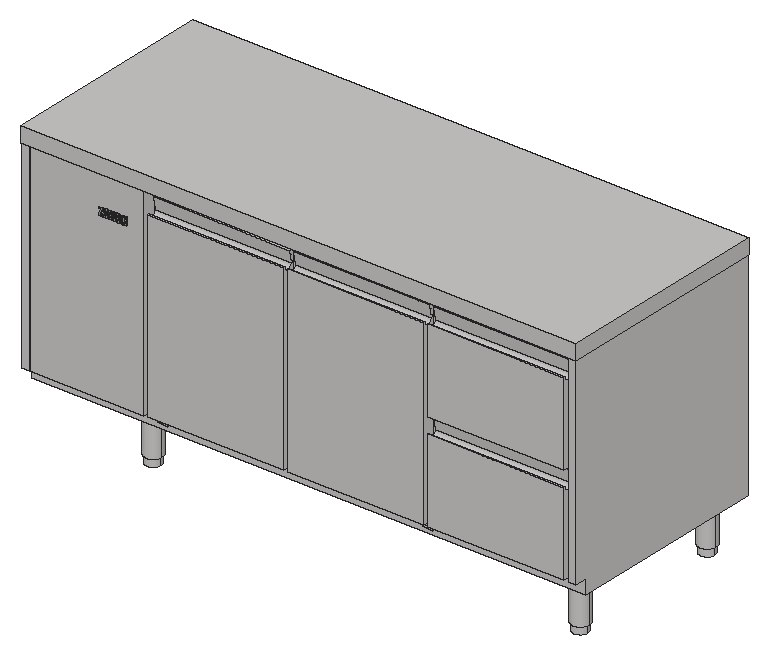
Revit family "QF_ZANUSSI_111041_ZH3HBAAB", category Specialty Equipment, Revit 2018
Family settings
  Round Connector Dimension = Use Diameter
  Part Type = Normal
  Work Plane-Based = No
  Always vertical = Yes
  Cut with Voids When Loaded = No
  Shared = No
  Room Calculation Point = No
Parameters
  Weight = 0.00 kg
  Watts = 0.0232258 W
  Volts = 220 V
  URL Manufacturer = "http://www.zanussiprofessional.com/"
  URL = "http://www.zanussiprofessional.com/"
  Steam Supply Size = 0 mm
  Steam Supply Minimum Pressure = 0.0 Pa
  Steam Supply Maximum Pressure = 0.0 Pa
  Steam Pounds per Hour = 0
  Show Logo [instance] = yes
  Show Clearance [instance] = yes
  Refrigeration Suction Line Size = 0 mm
  Refrigeration Liquid Line Size = 0 mm
  Refrigerant Compressor Remote = yes
  Manufacturer = "Zanussi"
  Phase = 1
  Model = "ZH3HBAAB"
  Length Actual = 1799 mm  # constant formula
  Item Number = "111041"
  Hot Water Size = 0 mm
  Height Actual = 900 mm  # constant formula
  HP = "0.3 HP"
  Gas Size = 0 mm
  Gas KW = 0
  Gas Input Pressure = 0 W
  Description = "2DOORS+2 DRAWERS REFRIGER.TABLE 440L"
  Depth Actual = 700 mm  # constant formula
  Cycle = 50 Hz
  Condensate Return Size = 0 mm
  Compressed Air Volume = 0.0 L/s
  Compressed Air Size = 0 mm
  Compressed Air Pressure = 0.0 Pa
  Cold Water Size = 0 mm
  Accessory = yes
Reference planes
  plane 1 "Center X": y = 182.5
  plane 2: z = 0
  plane 3 "Center Y": x = -353.5
  plane 4: y = -62.5
  plane 5: y = 451.5
  plane 6 "BACK": y = 532.5
  plane 7 "FRONT": y = -167.5
  plane 8: x = -906
  plane 9: x = 478
  plane 10: z = 150
  plane 11 "TOP": z = 900
  plane 12: z = 850
  plane 13 "LEFT": x = -1251
  plane 14 "RIGHT": x = 544
  plane 15: x = -1253
  plane 16: x = 546
Forms (mm)
  Extrusion 1, solid, material "QF_Finishes_Stainless Steel"
    sketch origin (-353.5, 2, 0) x (0, 1, 0) y (0, 0, 1)
      loop
        line (530.5, 150) -> (530.5, 850) -> (-124.5, 850) -> (-124.5, 150) -> (530.5, 150)
    from -897.5 to 897.5
  Extrusion 2, solid, material "QF_Finishes_Stainless Steel"
    sketch origin (-1022.223, -1524, 150) x (-1, 0, 0) y (0, -1, 0)
      loop
        line (228.777, -1361.5) -> (203.777, -1361.5) -> (203.777, -1401.5) -> (228.777, -1401.5) -> (228.777, -1361.5)
      loop
        line (-1566.223, -1401.5) -> (-1541.223, -1401.5) -> (-1541.223, -1361.5) -> (-1566.223, -1361.5) -> (-1566.223, -1401.5)
    from 47 to 700
  Extrusion 3, solid, material "QF_Finishes_Stainless Steel"
    sketch origin (0, 0, 900) x (-1, 0, 0) y (0, -1, 0)
      loop
        circle (170, -94.5) r 8.45
    from -790.577 to -750
  Extrusion 4, solid, material "QF_Finishes_Stainless Steel"
    sketch origin (0, 0, 0) x (1, 0, 0) y (0, 1, 0)
      loop
        circle (-1167, 451.5) r 4
    from 109.423 to 150
  Extrusion 5, solid, material "QF_Finishes_Stainless Steel"
    sketch origin (-126.5, 0, 0) x (0, 1, 0) y (0, 0, 1)
      loop
        line (-167.5, 900) -> (-167.5, 850) -> (532.5, 850) -> (532.5, 900) -> (-167.5, 900)
    from 672.5 to -1126.5
Cuts and joins
  joined: Extrusion 1, Extrusion 2
Lines and regions (mm)
  symbolic lines, style "SpecialityEquipmentHiddenLines"
    curve 1: line (-1253, -122.5, 900) -> (546, -122.5, 900)
    curve 2: line (-850, -167.5, 900) -> (-850, -122.5, 900)
  symbolic lines, style "SpecialityEquipment"
    curve 3: line (-1253, 532.5, 900) -> (546, 532.5, 900)
    curve 4: line (-1253, 532.5, 900) -> (-1253, -167.5, 900)
    curve 5: line (-1253, -167.5, 900) -> (546, -167.5, 900)
    curve 6: line (546, -167.5, 900) -> (546, 532.5, 900)
Dimensions and locks
  locked: plane 6 "BACK" to plane 7 "FRONT" at 700
  equal spacing: plane 6 "BACK", plane 1 "Center X", plane 7 "FRONT"
  locked: plane 6 "BACK" to plane 5 at 81
  plane 10 to level = 150 mm
  plane 11 "TOP" to plane 12 to plane 10 = 50 mm locked, 700 mm locked
  locked: Extrusion 2 sketch curve to Extrusion 2 sketch curve at 25  (x2)
  locked: plane 4 to plane 7 "FRONT" at 105
  locked: plane 6 "BACK" to Extrusion 3 sketch curve at 438
  equal spacing: plane 13 "LEFT", plane 3 "Center Y", plane 14 "RIGHT"
  plane 15 to plane 16 = 1799 mm
  locked: plane 13 "LEFT" to plane 8 at 345
  locked: plane 9 to plane 14 "RIGHT" at 66
  Extrusion 3 sketch curve to plane 14 "RIGHT" = 714 mm
  plane 13 "LEFT" to Extrusion 4 sketch curve = 84 mm
  locked: plane 6 "BACK" to Extrusion 4 sketch curve at 81
  locked: plane 10 to Extrusion 4 at 40.577
  aligned and locked: level to plane 2
  aligned and locked: plane 10 to Extrusion 3
  aligned and locked: nested 4 to plane 4
  aligned and locked: nested 1 to plane 4
  aligned and locked: nested 3 to plane 5
  aligned and locked: nested 2 to plane 5
  aligned and locked: plane 8 to nested 1
  aligned and locked: plane 8 to nested 2
  aligned and locked: plane 9 to nested 4
  aligned and locked: plane 9 to nested 3
  aligned and locked: Extrusion 1 to Extrusion 2
  aligned and locked: Extrusion 2 to Extrusion 1
  aligned and locked: Extrusion 2 sketch curve to plane 14 "RIGHT"
  aligned and locked: plane 13 "LEFT" to Extrusion 2 sketch curve
  aligned and locked: cut or joined group of Extrusion 1, Extrusion 2 to plane 10
  aligned and locked: plane 12 to cut or joined group of Extrusion 1, Extrusion 2
  aligned and locked: plane 10 to Extrusion 4
Automatic sketch dimensions
  plane 7 "FRONT" to Extrusion 2 sketch curve = 45 mm  (x2)
  plane 7 "FRONT" to Extrusion 2 sketch curve = 5 mm  (x2)
  Extrusion 1 sketch curve to plane 10 = 0 mm
  Extrusion 1 sketch curve to plane 12 = 0 mm
  Extrusion 1 sketch curve to plane 6 "BACK" = 0 mm
  plane 7 "FRONT" to Extrusion 1 sketch curve = 45 mm
  Extrusion 5 sketch curve to plane 7 "FRONT" = 0 mm
  Extrusion 5 sketch curve to plane 6 "BACK" = 0 mm
  Extrusion 5 sketch curve to plane 12 = 0 mm
  Extrusion 5 sketch curve to plane 11 "TOP" = 0 mm
  curve 6 to plane 6 "BACK" = 0 mm
  curve 6 to plane 16 = 0 mm
  curve 2 to plane 7 "FRONT" = 0 mm
  curve 5 to plane 15 = 0 mm
  plane 8 to curve 2 = 56 mm
  curve 1 to curve 4 = 45 mm
  radius of Extrusion 3 sketch curve = 8.45 mm
  radius of Extrusion 4 sketch curve = 4 mm
Nested families
  nested 1: "Foot_Ø50_H150" at (-906, -62.5, 0), type "Foot_Ø50_H150"
  nested 2: "Foot_Ø50_H150" at (-906, 451.5, 0), type "Foot_Ø50_H150"
  nested 3: "Foot_Ø50_H150" at (478, 451.5, 0), type "Foot_Ø50_H150"
  nested 4: "Foot_Ø50_H150" at (478, -62.5, 0), type "Foot_Ø50_H150"
  nested 5: "2 Drawers" at (285, -164.5, 0), Show Clearance <- "Show Clearance", type "2 Drawers"
  nested 6: "Door" at (-169, -164.5, 0), Show Clearance <- "Show Clearance", type "Door"
  nested 7: "Refrigerator" at (544, -167.5, 900), type "Refrigerator"
  nested 8: "ZAN_Cooling Unit" at (-1041.5, -164.5, 0), Show Logo <- "Show Logo", type "ZAN_Cooling Unit"
  nested 9: "Door" at (-623, -164.5, 0) x (-1, 0, 0) z (0, 0, 1), Show Clearance <- "Show Clearance", type "Door"
Connectors
  electrical at (-1167, 451.5, 109.423), driven by "Volts"
    settings: on Extrusion 4, index 4, voltage 220 V, apparent load 0 VA, apparent load phase1 0 VA, apparent load phase2 0 VA, apparent load phase3 0 VA, power factor 1, load classification "Altro", number of poles 1, system type 30, power factor state 1, is connector primary yes, connector utility no, sub classification motor no, connector description "Electrical Connection"
  piping at (-170, 94.5, 109.423), diameter 17
    settings: on Extrusion 3, index 5, connector inside diameter 609.6 mm, connector length 0 mm, flow factor 0, pipe flow 0.0 L/s, pressure drop 0.0 Pa, fitting loss kfactor 0, connector angle 0.00°, fixture units 0, engagement length 0 mm, angle of deflection 0.00°, flow configuration 1, flow direction 2, fitting loss method 0, system type 16, joint type 0, gender type 0, connector reference index -1, connector utility 0, adjustable connector no, is connector primary yes, connector description "Drain"
Definition of nested family "Foot_Ø50_H150"
  Reference planes
    plane 1 "Centro (Fronte/Retro)": y = 0
    plane 2: z = 0
    plane 3 "Centro (Sinistra/Destra)": x = 0
    plane 4: z = 150
  Forms (mm)
    Revolve 1, solid
      sketch origin (255.05, 0, 608.09) x (0, 0, 1) y (-1, 0, 0)
        loop
          line (-608.09, 255.05) -> (-608.09, 230.05) -> (-583.09, 230.05) -> (-583.09, 226.05) -> (-458.09, 226.05) -> (-458.09, 255.05) -> (-608.09, 255.05)
        axis (-608.09, 255.05) -> (-458.09, 255.05)
      angle from 0 to 360
  Dimensions and locks
    locked: Revolve 1 sketch curve to Revolve 1 sketch curve at 125
    aligned and locked: level to plane 2
    aligned and locked: plane 4 to Revolve 1 sketch curve
    aligned and locked: Revolve 1 sketch curve to level
    aligned and locked: plane 3 "Centro (Sinistra/Destra)" to Revolve 1 sketch curve
Definition of nested family "2 Drawers"
  Parameters
    Show Clearance [instance] = yes
  Reference planes
    plane 1 "FRONT": y = -3
    plane 2: z = 0
    plane 3 "Centro (Sinistra/Destra)": x = 0
    plane 4: z = 150
    plane 5: z = 850
    plane 6: x = -234
    plane 7: x = 234
    plane 8: x = -220
    plane 9: x = 220
  Forms (mm)
    Extrusion 1, solid
      sketch origin (0, 55, 511) x (0, 0, 1) y (0, -1, 0)
        loop
          line (314, 18) -> (314, 29) -> (274.395, 22.5)
          arc (274.395, 22.5) -> (260.395, 36.5) -> (274.395, 50.5) r 14
          line (274.395, 50.5) -> (274.395, 53) -> (5, 53) -> (5, 18) -> (314, 18)
        loop
          line (-5, 29) -> (-44.605, 22.5)
          arc (-44.605, 22.5) -> (-58.605, 36.5) -> (-44.605, 50.5) r 14
          line (-44.605, 50.5) -> (-44.605, 53) -> (-314, 53) -> (-314, 18) -> (-5, 18) -> (-5, 29)
      from -220 to 220
    Extrusion 2, solid, visible <- "Show Clearance", detail levels coarse
      sketch origin (0, -462, 511) x (0, 0, 1) y (0, -1, 0)
        loop
          line (-314, 109) -> (-314, -464) -> (-5, -464) -> (-5, 109) -> (-314, 109)
        loop
          line (314, -464) -> (314, 109) -> (5, 109) -> (5, -464) -> (314, -464)
      from -220 to 220
  Lines and regions (mm)
    symbolic lines
      curve 1: line (-190, -3, 0) -> (-190, -88, 0)
      curve 2: line (190, -88, 0) -> (190, -3, 0)
      curve 3: line (220, -88, 0) -> (-220, -88, 0)
      curve 4: line (-220, -88, 0) -> (-220, -123, 0)
      curve 5: line (-220, -123, 0) -> (220, -123, 0)
      curve 6: line (220, -123, 0) -> (220, -88, 0)
      curve 7: line (-190, -123, 0) -> (-190, -208, 0)
      curve 8: line (220, -208, 0) -> (-220, -208, 0)
      curve 9: line (-220, -208, 0) -> (-220, -243, 0)
      curve 10: line (-220, -243, 0) -> (220, -243, 0)
      curve 11: line (220, -243, 0) -> (220, -208, 0)
      curve 12: line (190, -208, 0) -> (190, -123, 0)
  Dimensions and locks
    aligned and locked: level to plane 2
Definition of nested family "Door"
  Parameters
    Show Clearance [instance] = yes
  Reference planes
    plane 1 "FRONT": y = -3
    plane 2: z = 0
    plane 3 "Centro (Sinistra/Destra)": x = 0
    plane 4: z = 150
    plane 5: z = 850
    plane 6: x = -234
    plane 7: x = 234
    plane 8: x = -220
    plane 9: x = 220
  Forms (mm)
    Extrusion 1, solid
      sketch origin (0, 53, 511) x (0, 0, 1) y (0, -1, 0)
        loop
          line (-323.003, 28.5) -> (-316.501, 28.5) -> (-316.501, 31) -> (-325.503, 31) -> (-325.503, 13.5) -> (-345.503, 13.5) -> (-345.503, 11) -> (-323.003, 11) -> (-323.003, 23.259) -> (-323.003, 28.5)
        loop
          line (-314, 27) -> (-316.501, 27) -> (-316.501, 18.501) -> (-319.752, 18.501) -> (-319.752, 16) -> (-314, 16) -> (-314, 27)
        loop
          line (315.003, 27) -> (315.003, 13.948) -> (315.003, 11) -> (327.503, 11) -> (327.503, 13.5) -> (317.503, 13.5) -> (317.503, 27) -> (315.003, 27)
      from 185 to 220
    Extrusion 2, solid, visible <- "Show Clearance", detail levels coarse
      sketch origin (0, 53, 511) x (0, -1, 0) y (1, 0, 0)
        loop
          line (51, 220) -> (51, -220)
          arc (51, -220) -> (339.234, -79.44) -> (454, 220) r 437.168
          line (454, 220) -> (51, 220)
      from -314 to 314
    Extrusion 3, solid
      sketch origin (0, 55, 511) x (0, 0, 1) y (0, -1, 0)
        loop
          line (314, 18) -> (314, 29) -> (274.395, 22.5)
          arc (274.395, 22.5) -> (260.395, 36.5) -> (274.395, 50.5) r 14
          line (274.395, 50.5) -> (274.395, 53) -> (-314, 53) -> (-314, 18) -> (314, 18)
      from -220 to 220
  Lines and regions (mm)
    symbolic lines
      curve 1: line (220, -3, 0) -> (220, -401, 0)
      curve 2: line (220, -401, 0) -> (185, -401, 0)
      curve 3: line (185, -401, 0) -> (185, -3, 0)
      curve 4: arc (-219.722, -3, 0) -> (-89.51, -275.368, 0) -> (185, -401, 0) r 442.855
  Dimensions and locks
    aligned and locked: level to plane 2
Definition of nested family "ZAN_Cooling Unit"
  Parameters
    Show Logo [instance] = yes
  Reference planes
    plane 1 "FRONT": y = -3
    plane 2: z = 0
    plane 3 "Centro (Sinistra/Destra)": x = 0
    plane 4: z = 150
    plane 5: z = 850
    plane 6: x = -184.5
    plane 7: x = 184.5
  Forms (mm)
    Extrusion 1, solid
      sketch origin (0, 55, 511) x (0, 0, 1) y (0, -1, 0)
        loop
          line (-314, 53) -> (-314, 13) -> (339, 13) -> (339, 53) -> (-314, 53)
      from -184.5 to 184.5
  Lines and regions (mm)
    Split face 1
      outline origin (0, 2, 197) x (0, 0, 1) y (-1, 0, 0)
        loop
          line (566.835, 184.5) -> (566.835, -184.5)
        loop
          line (521.835, 184.5) -> (521.835, -184.5)
    Split face 2
      outline origin (0, 2, 197) x (0, 0, 1) y (-1, 0, 0)
        loop
          arc (510.649, 158.547) -> (506.648, 162.548) -> (502.647, 158.547) r 4.001
          line (502.647, 158.547) -> (502.647, 116.535)
          arc (502.647, 116.535) -> (506.648, 112.533) -> (510.649, 116.535) r 4.001
          line (510.649, 116.535) -> (510.649, 158.547)
    Split face 3
      outline origin (0, 2, 184.996) x (0, 0, 1) y (-1, 0, 0)
        loop
          arc (510.649, 158.547) -> (506.648, 162.548) -> (502.647, 158.547) r 4.001
          line (502.647, 158.547) -> (502.647, 116.535)
          arc (502.647, 116.535) -> (506.648, 112.533) -> (510.649, 116.535) r 4.001
          line (510.649, 116.535) -> (510.649, 158.547)
    Split face 4
      outline origin (0, 2, 172.993) x (0, 0, 1) y (-1, 0, 0)
        loop
          arc (510.649, 158.547) -> (506.648, 162.548) -> (502.647, 158.547) r 4.001
          line (502.647, 158.547) -> (502.647, 116.535)
          arc (502.647, 116.535) -> (506.648, 112.533) -> (510.649, 116.535) r 4.001
          line (510.649, 116.535) -> (510.649, 158.547)
    Split face 5
      outline origin (0, 2, 160.989) x (0, 0, 1) y (-1, 0, 0)
        loop
          arc (510.649, 158.547) -> (506.648, 162.548) -> (502.647, 158.547) r 4.001
          line (502.647, 158.547) -> (502.647, 116.535)
          arc (502.647, 116.535) -> (506.648, 112.533) -> (510.649, 116.535) r 4.001
          line (510.649, 116.535) -> (510.649, 158.547)
    Split face 6
      outline origin (0, 2, 148.986) x (0, 0, 1) y (-1, 0, 0)
        loop
          arc (510.649, 158.547) -> (506.648, 162.548) -> (502.647, 158.547) r 4.001
          line (502.647, 158.547) -> (502.647, 116.535)
          arc (502.647, 116.535) -> (506.648, 112.533) -> (510.649, 116.535) r 4.001
          line (510.649, 116.535) -> (510.649, 158.547)
    Split face 7
      outline origin (0, 2, 136.982) x (0, 0, 1) y (-1, 0, 0)
        loop
          arc (510.649, 158.547) -> (506.648, 162.548) -> (502.647, 158.547) r 4.001
          line (502.647, 158.547) -> (502.647, 116.535)
          arc (502.647, 116.535) -> (506.648, 112.533) -> (510.649, 116.535) r 4.001
          line (510.649, 116.535) -> (510.649, 158.547)
    Split face 8
      outline origin (0, 2, 124.979) x (0, 0, 1) y (-1, 0, 0)
        loop
          arc (510.649, 158.547) -> (506.648, 162.548) -> (502.647, 158.547) r 4.001
          line (502.647, 158.547) -> (502.647, 116.535)
          arc (502.647, 116.535) -> (506.648, 112.533) -> (510.649, 116.535) r 4.001
          line (510.649, 116.535) -> (510.649, 158.547)
    Split face 9
      outline origin (0, 2, 112.975) x (0, 0, 1) y (-1, 0, 0)
        loop
          arc (510.649, 158.547) -> (506.648, 162.548) -> (502.647, 158.547) r 4.001
          line (502.647, 158.547) -> (502.647, 116.535)
          arc (502.647, 116.535) -> (506.648, 112.533) -> (510.649, 116.535) r 4.001
          line (510.649, 116.535) -> (510.649, 158.547)
    Split face 10
      outline origin (0, 2, 100.972) x (0, 0, 1) y (-1, 0, 0)
        loop
          arc (510.649, 158.547) -> (506.648, 162.548) -> (502.647, 158.547) r 4.001
          line (502.647, 158.547) -> (502.647, 116.535)
          arc (502.647, 116.535) -> (506.648, 112.533) -> (510.649, 116.535) r 4.001
          line (510.649, 116.535) -> (510.649, 158.547)
    Split face 11
      outline origin (0, 2, 88.968) x (0, 0, 1) y (-1, 0, 0)
        loop
          arc (510.649, 158.547) -> (506.648, 162.548) -> (502.647, 158.547) r 4.001
          line (502.647, 158.547) -> (502.647, 116.535)
          arc (502.647, 116.535) -> (506.648, 112.533) -> (510.649, 116.535) r 4.001
          line (510.649, 116.535) -> (510.649, 158.547)
    Split face 12
      outline origin (0, 2, 76.965) x (0, 0, 1) y (-1, 0, 0)
        loop
          arc (510.649, 158.547) -> (506.648, 162.548) -> (502.647, 158.547) r 4.001
          line (502.647, 158.547) -> (502.647, 116.535)
          arc (502.647, 116.535) -> (506.648, 112.533) -> (510.649, 116.535) r 4.001
          line (510.649, 116.535) -> (510.649, 158.547)
    Split face 13
      outline origin (0, 2, 64.961) x (0, 0, 1) y (-1, 0, 0)
        loop
          arc (510.649, 158.547) -> (506.648, 162.548) -> (502.647, 158.547) r 4.001
          line (502.647, 158.547) -> (502.647, 116.535)
          arc (502.647, 116.535) -> (506.648, 112.533) -> (510.649, 116.535) r 4.001
          line (510.649, 116.535) -> (510.649, 158.547)
    Split face 14
      outline origin (0, 2, 52.958) x (0, 0, 1) y (-1, 0, 0)
        loop
          arc (510.649, 158.547) -> (506.648, 162.548) -> (502.647, 158.547) r 4.001
          line (502.647, 158.547) -> (502.647, 116.535)
          arc (502.647, 116.535) -> (506.648, 112.533) -> (510.649, 116.535) r 4.001
          line (510.649, 116.535) -> (510.649, 158.547)
    Split face 15
      outline origin (0, 2, 40.954) x (0, 0, 1) y (-1, 0, 0)
        loop
          arc (510.649, 158.547) -> (506.648, 162.548) -> (502.647, 158.547) r 4.001
          line (502.647, 158.547) -> (502.647, 116.535)
          arc (502.647, 116.535) -> (506.648, 112.533) -> (510.649, 116.535) r 4.001
          line (510.649, 116.535) -> (510.649, 158.547)
    Split face 16
      outline origin (0, 2, 28.951) x (0, 0, 1) y (-1, 0, 0)
        loop
          arc (510.649, 158.547) -> (506.648, 162.548) -> (502.647, 158.547) r 4.001
          line (502.647, 158.547) -> (502.647, 116.535)
          arc (502.647, 116.535) -> (506.648, 112.533) -> (510.649, 116.535) r 4.001
          line (510.649, 116.535) -> (510.649, 158.547)
    Split face 17
      outline origin (0, 2, 16.947) x (0, 0, 1) y (-1, 0, 0)
        loop
          arc (510.649, 158.547) -> (506.648, 162.548) -> (502.647, 158.547) r 4.001
          line (502.647, 158.547) -> (502.647, 116.535)
          arc (502.647, 116.535) -> (506.648, 112.533) -> (510.649, 116.535) r 4.001
          line (510.649, 116.535) -> (510.649, 158.547)
    Split face 18
      outline origin (55.016, 2, 197) x (0, 0, 1) y (-1, 0, 0)
        loop
          arc (510.649, 158.547) -> (506.648, 162.548) -> (502.647, 158.547) r 4.001
          line (502.647, 158.547) -> (502.647, 116.535)
          arc (502.647, 116.535) -> (506.648, 112.533) -> (510.649, 116.535) r 4.001
          line (510.649, 116.535) -> (510.649, 158.547)
    Split face 19
      outline origin (55.016, 2, 184.996) x (0, 0, 1) y (-1, 0, 0)
        loop
          arc (510.649, 158.547) -> (506.648, 162.548) -> (502.647, 158.547) r 4.001
          line (502.647, 158.547) -> (502.647, 116.535)
          arc (502.647, 116.535) -> (506.648, 112.533) -> (510.649, 116.535) r 4.001
          line (510.649, 116.535) -> (510.649, 158.547)
    Split face 20
      outline origin (55.016, 2, 172.993) x (0, 0, 1) y (-1, 0, 0)
        loop
          arc (510.649, 158.547) -> (506.648, 162.548) -> (502.647, 158.547) r 4.001
          line (502.647, 158.547) -> (502.647, 116.535)
          arc (502.647, 116.535) -> (506.648, 112.533) -> (510.649, 116.535) r 4.001
          line (510.649, 116.535) -> (510.649, 158.547)
    Split face 21
      outline origin (55.016, 2, 160.989) x (0, 0, 1) y (-1, 0, 0)
        loop
          arc (510.649, 158.547) -> (506.648, 162.548) -> (502.647, 158.547) r 4.001
          line (502.647, 158.547) -> (502.647, 116.535)
          arc (502.647, 116.535) -> (506.648, 112.533) -> (510.649, 116.535) r 4.001
          line (510.649, 116.535) -> (510.649, 158.547)
    Split face 22
      outline origin (55.016, 2, 148.986) x (0, 0, 1) y (-1, 0, 0)
        loop
          arc (510.649, 158.547) -> (506.648, 162.548) -> (502.647, 158.547) r 4.001
          line (502.647, 158.547) -> (502.647, 116.535)
          arc (502.647, 116.535) -> (506.648, 112.533) -> (510.649, 116.535) r 4.001
          line (510.649, 116.535) -> (510.649, 158.547)
    Split face 23
      outline origin (55.016, 2, 136.982) x (0, 0, 1) y (-1, 0, 0)
        loop
          arc (510.649, 158.547) -> (506.648, 162.548) -> (502.647, 158.547) r 4.001
          line (502.647, 158.547) -> (502.647, 116.535)
          arc (502.647, 116.535) -> (506.648, 112.533) -> (510.649, 116.535) r 4.001
          line (510.649, 116.535) -> (510.649, 158.547)
    Split face 24
      outline origin (55.016, 2, 124.979) x (0, 0, 1) y (-1, 0, 0)
        loop
          arc (510.649, 158.547) -> (506.648, 162.548) -> (502.647, 158.547) r 4.001
          line (502.647, 158.547) -> (502.647, 116.535)
          arc (502.647, 116.535) -> (506.648, 112.533) -> (510.649, 116.535) r 4.001
          line (510.649, 116.535) -> (510.649, 158.547)
    Split face 25
      outline origin (55.016, 2, 112.975) x (0, 0, 1) y (-1, 0, 0)
        loop
          arc (510.649, 158.547) -> (506.648, 162.548) -> (502.647, 158.547) r 4.001
          line (502.647, 158.547) -> (502.647, 116.535)
          arc (502.647, 116.535) -> (506.648, 112.533) -> (510.649, 116.535) r 4.001
          line (510.649, 116.535) -> (510.649, 158.547)
    Split face 26
      outline origin (55.016, 2, 100.972) x (0, 0, 1) y (-1, 0, 0)
        loop
          arc (510.649, 158.547) -> (506.648, 162.548) -> (502.647, 158.547) r 4.001
          line (502.647, 158.547) -> (502.647, 116.535)
          arc (502.647, 116.535) -> (506.648, 112.533) -> (510.649, 116.535) r 4.001
          line (510.649, 116.535) -> (510.649, 158.547)
    Split face 27
      outline origin (55.016, 2, 88.968) x (0, 0, 1) y (-1, 0, 0)
        loop
          arc (510.649, 158.547) -> (506.648, 162.548) -> (502.647, 158.547) r 4.001
          line (502.647, 158.547) -> (502.647, 116.535)
          arc (502.647, 116.535) -> (506.648, 112.533) -> (510.649, 116.535) r 4.001
          line (510.649, 116.535) -> (510.649, 158.547)
    Split face 28
      outline origin (55.016, 2, 76.965) x (0, 0, 1) y (-1, 0, 0)
        loop
          arc (510.649, 158.547) -> (506.648, 162.548) -> (502.647, 158.547) r 4.001
          line (502.647, 158.547) -> (502.647, 116.535)
          arc (502.647, 116.535) -> (506.648, 112.533) -> (510.649, 116.535) r 4.001
          line (510.649, 116.535) -> (510.649, 158.547)
    Split face 29
      outline origin (55.016, 2, 64.961) x (0, 0, 1) y (-1, 0, 0)
        loop
          arc (510.649, 158.547) -> (506.648, 162.548) -> (502.647, 158.547) r 4.001
          line (502.647, 158.547) -> (502.647, 116.535)
          arc (502.647, 116.535) -> (506.648, 112.533) -> (510.649, 116.535) r 4.001
          line (510.649, 116.535) -> (510.649, 158.547)
    Split face 30
      outline origin (55.016, 2, 52.958) x (0, 0, 1) y (-1, 0, 0)
        loop
          arc (510.649, 158.547) -> (506.648, 162.548) -> (502.647, 158.547) r 4.001
          line (502.647, 158.547) -> (502.647, 116.535)
          arc (502.647, 116.535) -> (506.648, 112.533) -> (510.649, 116.535) r 4.001
          line (510.649, 116.535) -> (510.649, 158.547)
    Split face 31
      outline origin (55.016, 2, 40.954) x (0, 0, 1) y (-1, 0, 0)
        loop
          arc (510.649, 158.547) -> (506.648, 162.548) -> (502.647, 158.547) r 4.001
          line (502.647, 158.547) -> (502.647, 116.535)
          arc (502.647, 116.535) -> (506.648, 112.533) -> (510.649, 116.535) r 4.001
          line (510.649, 116.535) -> (510.649, 158.547)
    Split face 32
      outline origin (55.016, 2, 28.951) x (0, 0, 1) y (-1, 0, 0)
        loop
          arc (510.649, 158.547) -> (506.648, 162.548) -> (502.647, 158.547) r 4.001
          line (502.647, 158.547) -> (502.647, 116.535)
          arc (502.647, 116.535) -> (506.648, 112.533) -> (510.649, 116.535) r 4.001
          line (510.649, 116.535) -> (510.649, 158.547)
    Split face 33
      outline origin (55.016, 2, 16.947) x (0, 0, 1) y (-1, 0, 0)
        loop
          arc (510.649, 158.547) -> (506.648, 162.548) -> (502.647, 158.547) r 4.001
          line (502.647, 158.547) -> (502.647, 116.535)
          arc (502.647, 116.535) -> (506.648, 112.533) -> (510.649, 116.535) r 4.001
          line (510.649, 116.535) -> (510.649, 158.547)
    Split face 34
      outline origin (110.032, 2, 197) x (0, 0, 1) y (-1, 0, 0)
        loop
          arc (510.649, 158.547) -> (506.648, 162.548) -> (502.647, 158.547) r 4.001
          line (502.647, 158.547) -> (502.647, 116.535)
          arc (502.647, 116.535) -> (506.648, 112.533) -> (510.649, 116.535) r 4.001
          line (510.649, 116.535) -> (510.649, 158.547)
    Split face 35
      outline origin (110.032, 2, 184.996) x (0, 0, 1) y (-1, 0, 0)
        loop
          arc (510.649, 158.547) -> (506.648, 162.548) -> (502.647, 158.547) r 4.001
          line (502.647, 158.547) -> (502.647, 116.535)
          arc (502.647, 116.535) -> (506.648, 112.533) -> (510.649, 116.535) r 4.001
          line (510.649, 116.535) -> (510.649, 158.547)
    Split face 36
      outline origin (110.032, 2, 172.993) x (0, 0, 1) y (-1, 0, 0)
        loop
          arc (510.649, 158.547) -> (506.648, 162.548) -> (502.647, 158.547) r 4.001
          line (502.647, 158.547) -> (502.647, 116.535)
          arc (502.647, 116.535) -> (506.648, 112.533) -> (510.649, 116.535) r 4.001
          line (510.649, 116.535) -> (510.649, 158.547)
    Split face 37
      outline origin (110.032, 2, 160.989) x (0, 0, 1) y (-1, 0, 0)
        loop
          arc (510.649, 158.547) -> (506.648, 162.548) -> (502.647, 158.547) r 4.001
          line (502.647, 158.547) -> (502.647, 116.535)
          arc (502.647, 116.535) -> (506.648, 112.533) -> (510.649, 116.535) r 4.001
          line (510.649, 116.535) -> (510.649, 158.547)
    Split face 38
      outline origin (110.032, 2, 148.986) x (0, 0, 1) y (-1, 0, 0)
        loop
          arc (510.649, 158.547) -> (506.648, 162.548) -> (502.647, 158.547) r 4.001
          line (502.647, 158.547) -> (502.647, 116.535)
          arc (502.647, 116.535) -> (506.648, 112.533) -> (510.649, 116.535) r 4.001
          line (510.649, 116.535) -> (510.649, 158.547)
    Split face 39
      outline origin (110.032, 2, 136.982) x (0, 0, 1) y (-1, 0, 0)
        loop
          arc (510.649, 158.547) -> (506.648, 162.548) -> (502.647, 158.547) r 4.001
          line (502.647, 158.547) -> (502.647, 116.535)
          arc (502.647, 116.535) -> (506.648, 112.533) -> (510.649, 116.535) r 4.001
          line (510.649, 116.535) -> (510.649, 158.547)
    Split face 40
      outline origin (110.032, 2, 124.979) x (0, 0, 1) y (-1, 0, 0)
        loop
          arc (510.649, 158.547) -> (506.648, 162.548) -> (502.647, 158.547) r 4.001
          line (502.647, 158.547) -> (502.647, 116.535)
          arc (502.647, 116.535) -> (506.648, 112.533) -> (510.649, 116.535) r 4.001
          line (510.649, 116.535) -> (510.649, 158.547)
    Split face 41
      outline origin (110.032, 2, 112.975) x (0, 0, 1) y (-1, 0, 0)
        loop
          arc (510.649, 158.547) -> (506.648, 162.548) -> (502.647, 158.547) r 4.001
          line (502.647, 158.547) -> (502.647, 116.535)
          arc (502.647, 116.535) -> (506.648, 112.533) -> (510.649, 116.535) r 4.001
          line (510.649, 116.535) -> (510.649, 158.547)
    Split face 42
      outline origin (110.032, 2, 100.972) x (0, 0, 1) y (-1, 0, 0)
        loop
          arc (510.649, 158.547) -> (506.648, 162.548) -> (502.647, 158.547) r 4.001
          line (502.647, 158.547) -> (502.647, 116.535)
          arc (502.647, 116.535) -> (506.648, 112.533) -> (510.649, 116.535) r 4.001
          line (510.649, 116.535) -> (510.649, 158.547)
    Split face 43
      outline origin (110.032, 2, 88.968) x (0, 0, 1) y (-1, 0, 0)
        loop
          arc (510.649, 158.547) -> (506.648, 162.548) -> (502.647, 158.547) r 4.001
          line (502.647, 158.547) -> (502.647, 116.535)
          arc (502.647, 116.535) -> (506.648, 112.533) -> (510.649, 116.535) r 4.001
          line (510.649, 116.535) -> (510.649, 158.547)
    Split face 44
      outline origin (110.032, 2, 76.965) x (0, 0, 1) y (-1, 0, 0)
        loop
          arc (510.649, 158.547) -> (506.648, 162.548) -> (502.647, 158.547) r 4.001
          line (502.647, 158.547) -> (502.647, 116.535)
          arc (502.647, 116.535) -> (506.648, 112.533) -> (510.649, 116.535) r 4.001
          line (510.649, 116.535) -> (510.649, 158.547)
    Split face 45
      outline origin (110.032, 2, 64.961) x (0, 0, 1) y (-1, 0, 0)
        loop
          arc (510.649, 158.547) -> (506.648, 162.548) -> (502.647, 158.547) r 4.001
          line (502.647, 158.547) -> (502.647, 116.535)
          arc (502.647, 116.535) -> (506.648, 112.533) -> (510.649, 116.535) r 4.001
          line (510.649, 116.535) -> (510.649, 158.547)
    Split face 46
      outline origin (110.032, 2, 52.958) x (0, 0, 1) y (-1, 0, 0)
        loop
          arc (510.649, 158.547) -> (506.648, 162.548) -> (502.647, 158.547) r 4.001
          line (502.647, 158.547) -> (502.647, 116.535)
          arc (502.647, 116.535) -> (506.648, 112.533) -> (510.649, 116.535) r 4.001
          line (510.649, 116.535) -> (510.649, 158.547)
    Split face 47
      outline origin (110.032, 2, 40.954) x (0, 0, 1) y (-1, 0, 0)
        loop
          arc (510.649, 158.547) -> (506.648, 162.548) -> (502.647, 158.547) r 4.001
          line (502.647, 158.547) -> (502.647, 116.535)
          arc (502.647, 116.535) -> (506.648, 112.533) -> (510.649, 116.535) r 4.001
          line (510.649, 116.535) -> (510.649, 158.547)
    Split face 48
      outline origin (110.032, 2, 28.951) x (0, 0, 1) y (-1, 0, 0)
        loop
          arc (510.649, 158.547) -> (506.648, 162.548) -> (502.647, 158.547) r 4.001
          line (502.647, 158.547) -> (502.647, 116.535)
          arc (502.647, 116.535) -> (506.648, 112.533) -> (510.649, 116.535) r 4.001
          line (510.649, 116.535) -> (510.649, 158.547)
    Split face 49
      outline origin (110.032, 2, 16.947) x (0, 0, 1) y (-1, 0, 0)
        loop
          arc (510.649, 158.547) -> (506.648, 162.548) -> (502.647, 158.547) r 4.001
          line (502.647, 158.547) -> (502.647, 116.535)
          arc (502.647, 116.535) -> (506.648, 112.533) -> (510.649, 116.535) r 4.001
          line (510.649, 116.535) -> (510.649, 158.547)
    Split face 50
      outline origin (165.048, 2, 197) x (0, 0, 1) y (-1, 0, 0)
        loop
          arc (510.649, 158.547) -> (506.648, 162.548) -> (502.647, 158.547) r 4.001
          line (502.647, 158.547) -> (502.647, 116.535)
          arc (502.647, 116.535) -> (506.648, 112.533) -> (510.649, 116.535) r 4.001
          line (510.649, 116.535) -> (510.649, 158.547)
    Split face 51
      outline origin (165.048, 2, 184.996) x (0, 0, 1) y (-1, 0, 0)
        loop
          arc (510.649, 158.547) -> (506.648, 162.548) -> (502.647, 158.547) r 4.001
          line (502.647, 158.547) -> (502.647, 116.535)
          arc (502.647, 116.535) -> (506.648, 112.533) -> (510.649, 116.535) r 4.001
          line (510.649, 116.535) -> (510.649, 158.547)
    Split face 52
      outline origin (165.048, 2, 172.993) x (0, 0, 1) y (-1, 0, 0)
        loop
          arc (510.649, 158.547) -> (506.648, 162.548) -> (502.647, 158.547) r 4.001
          line (502.647, 158.547) -> (502.647, 116.535)
          arc (502.647, 116.535) -> (506.648, 112.533) -> (510.649, 116.535) r 4.001
          line (510.649, 116.535) -> (510.649, 158.547)
    Split face 53
      outline origin (165.048, 2, 160.989) x (0, 0, 1) y (-1, 0, 0)
        loop
          arc (510.649, 158.547) -> (506.648, 162.548) -> (502.647, 158.547) r 4.001
          line (502.647, 158.547) -> (502.647, 116.535)
          arc (502.647, 116.535) -> (506.648, 112.533) -> (510.649, 116.535) r 4.001
          line (510.649, 116.535) -> (510.649, 158.547)
    Split face 54
      outline origin (165.048, 2, 148.986) x (0, 0, 1) y (-1, 0, 0)
        loop
          arc (510.649, 158.547) -> (506.648, 162.548) -> (502.647, 158.547) r 4.001
          line (502.647, 158.547) -> (502.647, 116.535)
          arc (502.647, 116.535) -> (506.648, 112.533) -> (510.649, 116.535) r 4.001
          line (510.649, 116.535) -> (510.649, 158.547)
    Split face 55
      outline origin (165.048, 2, 136.982) x (0, 0, 1) y (-1, 0, 0)
        loop
          arc (510.649, 158.547) -> (506.648, 162.548) -> (502.647, 158.547) r 4.001
          line (502.647, 158.547) -> (502.647, 116.535)
          arc (502.647, 116.535) -> (506.648, 112.533) -> (510.649, 116.535) r 4.001
          line (510.649, 116.535) -> (510.649, 158.547)
    Split face 56
      outline origin (165.048, 2, 124.979) x (0, 0, 1) y (-1, 0, 0)
        loop
          arc (510.649, 158.547) -> (506.648, 162.548) -> (502.647, 158.547) r 4.001
          line (502.647, 158.547) -> (502.647, 116.535)
          arc (502.647, 116.535) -> (506.648, 112.533) -> (510.649, 116.535) r 4.001
          line (510.649, 116.535) -> (510.649, 158.547)
    Split face 57
      outline origin (165.048, 2, 112.975) x (0, 0, 1) y (-1, 0, 0)
        loop
          arc (510.649, 158.547) -> (506.648, 162.548) -> (502.647, 158.547) r 4.001
          line (502.647, 158.547) -> (502.647, 116.535)
          arc (502.647, 116.535) -> (506.648, 112.533) -> (510.649, 116.535) r 4.001
          line (510.649, 116.535) -> (510.649, 158.547)
    Split face 58
      outline origin (165.048, 2, 100.972) x (0, 0, 1) y (-1, 0, 0)
        loop
          arc (510.649, 158.547) -> (506.648, 162.548) -> (502.647, 158.547) r 4.001
          line (502.647, 158.547) -> (502.647, 116.535)
          arc (502.647, 116.535) -> (506.648, 112.533) -> (510.649, 116.535) r 4.001
          line (510.649, 116.535) -> (510.649, 158.547)
    Split face 59
      outline origin (165.048, 2, 88.968) x (0, 0, 1) y (-1, 0, 0)
        loop
          arc (510.649, 158.547) -> (506.648, 162.548) -> (502.647, 158.547) r 4.001
          line (502.647, 158.547) -> (502.647, 116.535)
          arc (502.647, 116.535) -> (506.648, 112.533) -> (510.649, 116.535) r 4.001
          line (510.649, 116.535) -> (510.649, 158.547)
    Split face 60
      outline origin (165.048, 2, 76.965) x (0, 0, 1) y (-1, 0, 0)
        loop
          arc (510.649, 158.547) -> (506.648, 162.548) -> (502.647, 158.547) r 4.001
          line (502.647, 158.547) -> (502.647, 116.535)
          arc (502.647, 116.535) -> (506.648, 112.533) -> (510.649, 116.535) r 4.001
          line (510.649, 116.535) -> (510.649, 158.547)
    Split face 61
      outline origin (165.048, 2, 64.961) x (0, 0, 1) y (-1, 0, 0)
        loop
          arc (510.649, 158.547) -> (506.648, 162.548) -> (502.647, 158.547) r 4.001
          line (502.647, 158.547) -> (502.647, 116.535)
          arc (502.647, 116.535) -> (506.648, 112.533) -> (510.649, 116.535) r 4.001
          line (510.649, 116.535) -> (510.649, 158.547)
    Split face 62
      outline origin (165.048, 2, 52.958) x (0, 0, 1) y (-1, 0, 0)
        loop
          arc (510.649, 158.547) -> (506.648, 162.548) -> (502.647, 158.547) r 4.001
          line (502.647, 158.547) -> (502.647, 116.535)
          arc (502.647, 116.535) -> (506.648, 112.533) -> (510.649, 116.535) r 4.001
          line (510.649, 116.535) -> (510.649, 158.547)
    Split face 63
      outline origin (165.048, 2, 40.954) x (0, 0, 1) y (-1, 0, 0)
        loop
          arc (510.649, 158.547) -> (506.648, 162.548) -> (502.647, 158.547) r 4.001
          line (502.647, 158.547) -> (502.647, 116.535)
          arc (502.647, 116.535) -> (506.648, 112.533) -> (510.649, 116.535) r 4.001
          line (510.649, 116.535) -> (510.649, 158.547)
    Split face 64
      outline origin (165.048, 2, 28.951) x (0, 0, 1) y (-1, 0, 0)
        loop
          arc (510.649, 158.547) -> (506.648, 162.548) -> (502.647, 158.547) r 4.001
          line (502.647, 158.547) -> (502.647, 116.535)
          arc (502.647, 116.535) -> (506.648, 112.533) -> (510.649, 116.535) r 4.001
          line (510.649, 116.535) -> (510.649, 158.547)
    Split face 65
      outline origin (165.048, 2, 16.947) x (0, 0, 1) y (-1, 0, 0)
        loop
          arc (510.649, 158.547) -> (506.648, 162.548) -> (502.647, 158.547) r 4.001
          line (502.647, 158.547) -> (502.647, 116.535)
          arc (502.647, 116.535) -> (506.648, 112.533) -> (510.649, 116.535) r 4.001
          line (510.649, 116.535) -> (510.649, 158.547)
    Split face 66
      outline origin (220.064, 2, 197) x (0, 0, 1) y (-1, 0, 0)
        loop
          arc (510.649, 158.547) -> (506.648, 162.548) -> (502.647, 158.547) r 4.001
          line (502.647, 158.547) -> (502.647, 116.535)
          arc (502.647, 116.535) -> (506.648, 112.533) -> (510.649, 116.535) r 4.001
          line (510.649, 116.535) -> (510.649, 158.547)
    Split face 67
      outline origin (220.064, 2, 184.996) x (0, 0, 1) y (-1, 0, 0)
        loop
          arc (510.649, 158.547) -> (506.648, 162.548) -> (502.647, 158.547) r 4.001
          line (502.647, 158.547) -> (502.647, 116.535)
          arc (502.647, 116.535) -> (506.648, 112.533) -> (510.649, 116.535) r 4.001
          line (510.649, 116.535) -> (510.649, 158.547)
    Split face 68
      outline origin (220.064, 2, 172.993) x (0, 0, 1) y (-1, 0, 0)
        loop
          arc (510.649, 158.547) -> (506.648, 162.548) -> (502.647, 158.547) r 4.001
          line (502.647, 158.547) -> (502.647, 116.535)
          arc (502.647, 116.535) -> (506.648, 112.533) -> (510.649, 116.535) r 4.001
          line (510.649, 116.535) -> (510.649, 158.547)
    Split face 69
      outline origin (220.064, 2, 160.989) x (0, 0, 1) y (-1, 0, 0)
        loop
          arc (510.649, 158.547) -> (506.648, 162.548) -> (502.647, 158.547) r 4.001
          line (502.647, 158.547) -> (502.647, 116.535)
          arc (502.647, 116.535) -> (506.648, 112.533) -> (510.649, 116.535) r 4.001
          line (510.649, 116.535) -> (510.649, 158.547)
    Split face 70
      outline origin (220.064, 2, 148.986) x (0, 0, 1) y (-1, 0, 0)
        loop
          arc (510.649, 158.547) -> (506.648, 162.548) -> (502.647, 158.547) r 4.001
          line (502.647, 158.547) -> (502.647, 116.535)
          arc (502.647, 116.535) -> (506.648, 112.533) -> (510.649, 116.535) r 4.001
          line (510.649, 116.535) -> (510.649, 158.547)
    Split face 71
      outline origin (220.064, 2, 136.982) x (0, 0, 1) y (-1, 0, 0)
        loop
          arc (510.649, 158.547) -> (506.648, 162.548) -> (502.647, 158.547) r 4.001
          line (502.647, 158.547) -> (502.647, 116.535)
          arc (502.647, 116.535) -> (506.648, 112.533) -> (510.649, 116.535) r 4.001
          line (510.649, 116.535) -> (510.649, 158.547)
    Split face 72
      outline origin (220.064, 2, 124.979) x (0, 0, 1) y (-1, 0, 0)
        loop
          arc (510.649, 158.547) -> (506.648, 162.548) -> (502.647, 158.547) r 4.001
          line (502.647, 158.547) -> (502.647, 116.535)
          arc (502.647, 116.535) -> (506.648, 112.533) -> (510.649, 116.535) r 4.001
          line (510.649, 116.535) -> (510.649, 158.547)
    Split face 73
      outline origin (220.064, 2, 112.975) x (0, 0, 1) y (-1, 0, 0)
        loop
          arc (510.649, 158.547) -> (506.648, 162.548) -> (502.647, 158.547) r 4.001
          line (502.647, 158.547) -> (502.647, 116.535)
          arc (502.647, 116.535) -> (506.648, 112.533) -> (510.649, 116.535) r 4.001
          line (510.649, 116.535) -> (510.649, 158.547)
    Split face 74
      outline origin (220.064, 2, 100.972) x (0, 0, 1) y (-1, 0, 0)
        loop
          arc (510.649, 158.547) -> (506.648, 162.548) -> (502.647, 158.547) r 4.001
          line (502.647, 158.547) -> (502.647, 116.535)
          arc (502.647, 116.535) -> (506.648, 112.533) -> (510.649, 116.535) r 4.001
          line (510.649, 116.535) -> (510.649, 158.547)
    Split face 75
      outline origin (220.064, 2, 88.968) x (0, 0, 1) y (-1, 0, 0)
        loop
          arc (510.649, 158.547) -> (506.648, 162.548) -> (502.647, 158.547) r 4.001
          line (502.647, 158.547) -> (502.647, 116.535)
          arc (502.647, 116.535) -> (506.648, 112.533) -> (510.649, 116.535) r 4.001
          line (510.649, 116.535) -> (510.649, 158.547)
    Split face 76
      outline origin (220.064, 2, 76.965) x (0, 0, 1) y (-1, 0, 0)
        loop
          arc (510.649, 158.547) -> (506.648, 162.548) -> (502.647, 158.547) r 4.001
          line (502.647, 158.547) -> (502.647, 116.535)
          arc (502.647, 116.535) -> (506.648, 112.533) -> (510.649, 116.535) r 4.001
          line (510.649, 116.535) -> (510.649, 158.547)
    Split face 77
      outline origin (220.064, 2, 64.961) x (0, 0, 1) y (-1, 0, 0)
        loop
          arc (510.649, 158.547) -> (506.648, 162.548) -> (502.647, 158.547) r 4.001
          line (502.647, 158.547) -> (502.647, 116.535)
          arc (502.647, 116.535) -> (506.648, 112.533) -> (510.649, 116.535) r 4.001
          line (510.649, 116.535) -> (510.649, 158.547)
    Split face 78
      outline origin (220.064, 2, 52.958) x (0, 0, 1) y (-1, 0, 0)
        loop
          arc (510.649, 158.547) -> (506.648, 162.548) -> (502.647, 158.547) r 4.001
          line (502.647, 158.547) -> (502.647, 116.535)
          arc (502.647, 116.535) -> (506.648, 112.533) -> (510.649, 116.535) r 4.001
          line (510.649, 116.535) -> (510.649, 158.547)
    Split face 79
      outline origin (220.064, 2, 40.954) x (0, 0, 1) y (-1, 0, 0)
        loop
          arc (510.649, 158.547) -> (506.648, 162.548) -> (502.647, 158.547) r 4.001
          line (502.647, 158.547) -> (502.647, 116.535)
          arc (502.647, 116.535) -> (506.648, 112.533) -> (510.649, 116.535) r 4.001
          line (510.649, 116.535) -> (510.649, 158.547)
    Split face 80
      outline origin (220.064, 2, 28.951) x (0, 0, 1) y (-1, 0, 0)
        loop
          arc (510.649, 158.547) -> (506.648, 162.548) -> (502.647, 158.547) r 4.001
          line (502.647, 158.547) -> (502.647, 116.535)
          arc (502.647, 116.535) -> (506.648, 112.533) -> (510.649, 116.535) r 4.001
          line (510.649, 116.535) -> (510.649, 158.547)
    Split face 81
      outline origin (220.064, 2, 16.947) x (0, 0, 1) y (-1, 0, 0)
        loop
          arc (510.649, 158.547) -> (506.648, 162.548) -> (502.647, 158.547) r 4.001
          line (502.647, 158.547) -> (502.647, 116.535)
          arc (502.647, 116.535) -> (506.648, 112.533) -> (510.649, 116.535) r 4.001
          line (510.649, 116.535) -> (510.649, 158.547)
    Split face 82
      outline origin (275.081, 2, 197) x (0, 0, 1) y (-1, 0, 0)
        loop
          arc (510.649, 158.547) -> (506.648, 162.548) -> (502.647, 158.547) r 4.001
          line (502.647, 158.547) -> (502.647, 116.535)
          arc (502.647, 116.535) -> (506.648, 112.533) -> (510.649, 116.535) r 4.001
          line (510.649, 116.535) -> (510.649, 158.547)
    Split face 83
      outline origin (275.081, 2, 184.996) x (0, 0, 1) y (-1, 0, 0)
        loop
          arc (510.649, 158.547) -> (506.648, 162.548) -> (502.647, 158.547) r 4.001
          line (502.647, 158.547) -> (502.647, 116.535)
          arc (502.647, 116.535) -> (506.648, 112.533) -> (510.649, 116.535) r 4.001
          line (510.649, 116.535) -> (510.649, 158.547)
    Split face 84
      outline origin (275.081, 2, 172.993) x (0, 0, 1) y (-1, 0, 0)
        loop
          arc (510.649, 158.547) -> (506.648, 162.548) -> (502.647, 158.547) r 4.001
          line (502.647, 158.547) -> (502.647, 116.535)
          arc (502.647, 116.535) -> (506.648, 112.533) -> (510.649, 116.535) r 4.001
          line (510.649, 116.535) -> (510.649, 158.547)
    Split face 85
      outline origin (275.081, 2, 160.989) x (0, 0, 1) y (-1, 0, 0)
        loop
          arc (510.649, 158.547) -> (506.648, 162.548) -> (502.647, 158.547) r 4.001
          line (502.647, 158.547) -> (502.647, 116.535)
          arc (502.647, 116.535) -> (506.648, 112.533) -> (510.649, 116.535) r 4.001
          line (510.649, 116.535) -> (510.649, 158.547)
    Split face 86
      outline origin (275.081, 2, 148.986) x (0, 0, 1) y (-1, 0, 0)
        loop
          arc (510.649, 158.547) -> (506.648, 162.548) -> (502.647, 158.547) r 4.001
          line (502.647, 158.547) -> (502.647, 116.535)
          arc (502.647, 116.535) -> (506.648, 112.533) -> (510.649, 116.535) r 4.001
          line (510.649, 116.535) -> (510.649, 158.547)
    Split face 87
      outline origin (275.081, 2, 136.982) x (0, 0, 1) y (-1, 0, 0)
        loop
          arc (510.649, 158.547) -> (506.648, 162.548) -> (502.647, 158.547) r 4.001
          line (502.647, 158.547) -> (502.647, 116.535)
          arc (502.647, 116.535) -> (506.648, 112.533) -> (510.649, 116.535) r 4.001
          line (510.649, 116.535) -> (510.649, 158.547)
    Split face 88
      outline origin (275.081, 2, 124.979) x (0, 0, 1) y (-1, 0, 0)
        loop
          arc (510.649, 158.547) -> (506.648, 162.548) -> (502.647, 158.547) r 4.001
          line (502.647, 158.547) -> (502.647, 116.535)
          arc (502.647, 116.535) -> (506.648, 112.533) -> (510.649, 116.535) r 4.001
          line (510.649, 116.535) -> (510.649, 158.547)
    Split face 89
      outline origin (275.081, 2, 112.975) x (0, 0, 1) y (-1, 0, 0)
        loop
          arc (510.649, 158.547) -> (506.648, 162.548) -> (502.647, 158.547) r 4.001
          line (502.647, 158.547) -> (502.647, 116.535)
          arc (502.647, 116.535) -> (506.648, 112.533) -> (510.649, 116.535) r 4.001
          line (510.649, 116.535) -> (510.649, 158.547)
    Split face 90
      outline origin (275.081, 2, 100.972) x (0, 0, 1) y (-1, 0, 0)
        loop
          arc (510.649, 158.547) -> (506.648, 162.548) -> (502.647, 158.547) r 4.001
          line (502.647, 158.547) -> (502.647, 116.535)
          arc (502.647, 116.535) -> (506.648, 112.533) -> (510.649, 116.535) r 4.001
          line (510.649, 116.535) -> (510.649, 158.547)
    Split face 91
      outline origin (275.081, 2, 88.968) x (0, 0, 1) y (-1, 0, 0)
        loop
          arc (510.649, 158.547) -> (506.648, 162.548) -> (502.647, 158.547) r 4.001
          line (502.647, 158.547) -> (502.647, 116.535)
          arc (502.647, 116.535) -> (506.648, 112.533) -> (510.649, 116.535) r 4.001
          line (510.649, 116.535) -> (510.649, 158.547)
    Split face 92
      outline origin (275.081, 2, 76.965) x (0, 0, 1) y (-1, 0, 0)
        loop
          arc (510.649, 158.547) -> (506.648, 162.548) -> (502.647, 158.547) r 4.001
          line (502.647, 158.547) -> (502.647, 116.535)
          arc (502.647, 116.535) -> (506.648, 112.533) -> (510.649, 116.535) r 4.001
          line (510.649, 116.535) -> (510.649, 158.547)
    Split face 93
      outline origin (275.081, 2, 64.961) x (0, 0, 1) y (-1, 0, 0)
        loop
          arc (510.649, 158.547) -> (506.648, 162.548) -> (502.647, 158.547) r 4.001
          line (502.647, 158.547) -> (502.647, 116.535)
          arc (502.647, 116.535) -> (506.648, 112.533) -> (510.649, 116.535) r 4.001
          line (510.649, 116.535) -> (510.649, 158.547)
    Split face 94
      outline origin (275.081, 2, 52.958) x (0, 0, 1) y (-1, 0, 0)
        loop
          arc (510.649, 158.547) -> (506.648, 162.548) -> (502.647, 158.547) r 4.001
          line (502.647, 158.547) -> (502.647, 116.535)
          arc (502.647, 116.535) -> (506.648, 112.533) -> (510.649, 116.535) r 4.001
          line (510.649, 116.535) -> (510.649, 158.547)
    Split face 95
      outline origin (275.081, 2, 40.954) x (0, 0, 1) y (-1, 0, 0)
        loop
          arc (510.649, 158.547) -> (506.648, 162.548) -> (502.647, 158.547) r 4.001
          line (502.647, 158.547) -> (502.647, 116.535)
          arc (502.647, 116.535) -> (506.648, 112.533) -> (510.649, 116.535) r 4.001
          line (510.649, 116.535) -> (510.649, 158.547)
    Split face 96
      outline origin (275.081, 2, 28.951) x (0, 0, 1) y (-1, 0, 0)
        loop
          arc (510.649, 158.547) -> (506.648, 162.548) -> (502.647, 158.547) r 4.001
          line (502.647, 158.547) -> (502.647, 116.535)
          arc (502.647, 116.535) -> (506.648, 112.533) -> (510.649, 116.535) r 4.001
          line (510.649, 116.535) -> (510.649, 158.547)
    Split face 97
      outline origin (275.081, 2, 16.947) x (0, 0, 1) y (-1, 0, 0)
        loop
          arc (510.649, 158.547) -> (506.648, 162.548) -> (502.647, 158.547) r 4.001
          line (502.647, 158.547) -> (502.647, 116.535)
          arc (502.647, 116.535) -> (506.648, 112.533) -> (510.649, 116.535) r 4.001
          line (510.649, 116.535) -> (510.649, 158.547)
    Split face 98
      outline origin (0, 2, -113.091) x (0, 0, 1) y (-1, 0, 0)
        loop
          arc (510.649, 158.547) -> (506.648, 162.548) -> (502.647, 158.547) r 4.001
          line (502.647, 158.547) -> (502.647, 116.535)
          arc (502.647, 116.535) -> (506.648, 112.533) -> (510.649, 116.535) r 4.001
          line (510.649, 116.535) -> (510.649, 158.547)
    Split face 99
      outline origin (0, 2, -125.094) x (0, 0, 1) y (-1, 0, 0)
        loop
          arc (510.649, 158.547) -> (506.648, 162.548) -> (502.647, 158.547) r 4.001
          line (502.647, 158.547) -> (502.647, 116.535)
          arc (502.647, 116.535) -> (506.648, 112.533) -> (510.649, 116.535) r 4.001
          line (510.649, 116.535) -> (510.649, 158.547)
    Split face 100
      outline origin (0, 2, -137.098) x (0, 0, 1) y (-1, 0, 0)
        loop
          arc (510.649, 158.547) -> (506.648, 162.548) -> (502.647, 158.547) r 4.001
          line (502.647, 158.547) -> (502.647, 116.535)
          arc (502.647, 116.535) -> (506.648, 112.533) -> (510.649, 116.535) r 4.001
          line (510.649, 116.535) -> (510.649, 158.547)
    Split face 101
      outline origin (0, 2, -149.101) x (0, 0, 1) y (-1, 0, 0)
        loop
          arc (510.649, 158.547) -> (506.648, 162.548) -> (502.647, 158.547) r 4.001
          line (502.647, 158.547) -> (502.647, 116.535)
          arc (502.647, 116.535) -> (506.648, 112.533) -> (510.649, 116.535) r 4.001
          line (510.649, 116.535) -> (510.649, 158.547)
    Split face 102
      outline origin (0, 2, -161.105) x (0, 0, 1) y (-1, 0, 0)
        loop
          arc (510.649, 158.547) -> (506.648, 162.548) -> (502.647, 158.547) r 4.001
          line (502.647, 158.547) -> (502.647, 116.535)
          arc (502.647, 116.535) -> (506.648, 112.533) -> (510.649, 116.535) r 4.001
          line (510.649, 116.535) -> (510.649, 158.547)
    Split face 103
      outline origin (0, 2, -173.108) x (0, 0, 1) y (-1, 0, 0)
        loop
          arc (510.649, 158.547) -> (506.648, 162.548) -> (502.647, 158.547) r 4.001
          line (502.647, 158.547) -> (502.647, 116.535)
          arc (502.647, 116.535) -> (506.648, 112.533) -> (510.649, 116.535) r 4.001
          line (510.649, 116.535) -> (510.649, 158.547)
    Split face 104
      outline origin (0, 2, -185.112) x (0, 0, 1) y (-1, 0, 0)
        loop
          arc (510.649, 158.547) -> (506.648, 162.548) -> (502.647, 158.547) r 4.001
          line (502.647, 158.547) -> (502.647, 116.535)
          arc (502.647, 116.535) -> (506.648, 112.533) -> (510.649, 116.535) r 4.001
          line (510.649, 116.535) -> (510.649, 158.547)
    Split face 105
      outline origin (0, 2, -197.115) x (0, 0, 1) y (-1, 0, 0)
        loop
          arc (510.649, 158.547) -> (506.648, 162.548) -> (502.647, 158.547) r 4.001
          line (502.647, 158.547) -> (502.647, 116.535)
          arc (502.647, 116.535) -> (506.648, 112.533) -> (510.649, 116.535) r 4.001
          line (510.649, 116.535) -> (510.649, 158.547)
    Split face 106
      outline origin (0, 2, -209.119) x (0, 0, 1) y (-1, 0, 0)
        loop
          arc (510.649, 158.547) -> (506.648, 162.548) -> (502.647, 158.547) r 4.001
          line (502.647, 158.547) -> (502.647, 116.535)
          arc (502.647, 116.535) -> (506.648, 112.533) -> (510.649, 116.535) r 4.001
          line (510.649, 116.535) -> (510.649, 158.547)
    Split face 107
      outline origin (0, 2, -221.122) x (0, 0, 1) y (-1, 0, 0)
        loop
          arc (510.649, 158.547) -> (506.648, 162.548) -> (502.647, 158.547) r 4.001
          line (502.647, 158.547) -> (502.647, 116.535)
          arc (502.647, 116.535) -> (506.648, 112.533) -> (510.649, 116.535) r 4.001
          line (510.649, 116.535) -> (510.649, 158.547)
    Split face 108
      outline origin (0, 2, -233.126) x (0, 0, 1) y (-1, 0, 0)
        loop
          arc (510.649, 158.547) -> (506.648, 162.548) -> (502.647, 158.547) r 4.001
          line (502.647, 158.547) -> (502.647, 116.535)
          arc (502.647, 116.535) -> (506.648, 112.533) -> (510.649, 116.535) r 4.001
          line (510.649, 116.535) -> (510.649, 158.547)
    Split face 109
      outline origin (0, 2, -245.129) x (0, 0, 1) y (-1, 0, 0)
        loop
          arc (510.649, 158.547) -> (506.648, 162.548) -> (502.647, 158.547) r 4.001
          line (502.647, 158.547) -> (502.647, 116.535)
          arc (502.647, 116.535) -> (506.648, 112.533) -> (510.649, 116.535) r 4.001
          line (510.649, 116.535) -> (510.649, 158.547)
    Split face 110
      outline origin (0, 2, -257.133) x (0, 0, 1) y (-1, 0, 0)
        loop
          arc (510.649, 158.547) -> (506.648, 162.548) -> (502.647, 158.547) r 4.001
          line (502.647, 158.547) -> (502.647, 116.535)
          arc (502.647, 116.535) -> (506.648, 112.533) -> (510.649, 116.535) r 4.001
          line (510.649, 116.535) -> (510.649, 158.547)
    Split face 111
      outline origin (0, 2, -269.136) x (0, 0, 1) y (-1, 0, 0)
        loop
          arc (510.649, 158.547) -> (506.648, 162.548) -> (502.647, 158.547) r 4.001
          line (502.647, 158.547) -> (502.647, 116.535)
          arc (502.647, 116.535) -> (506.648, 112.533) -> (510.649, 116.535) r 4.001
          line (510.649, 116.535) -> (510.649, 158.547)
    Split face 112
      outline origin (0, 2, -281.14) x (0, 0, 1) y (-1, 0, 0)
        loop
          arc (510.649, 158.547) -> (506.648, 162.548) -> (502.647, 158.547) r 4.001
          line (502.647, 158.547) -> (502.647, 116.535)
          arc (502.647, 116.535) -> (506.648, 112.533) -> (510.649, 116.535) r 4.001
          line (510.649, 116.535) -> (510.649, 158.547)
    Split face 113
      outline origin (0, 2, -293.144) x (0, 0, 1) y (-1, 0, 0)
        loop
          arc (510.649, 158.547) -> (506.648, 162.548) -> (502.647, 158.547) r 4.001
          line (502.647, 158.547) -> (502.647, 116.535)
          arc (502.647, 116.535) -> (506.648, 112.533) -> (510.649, 116.535) r 4.001
          line (510.649, 116.535) -> (510.649, 158.547)
    Split face 114
      outline origin (55.016, 2, -113.091) x (0, 0, 1) y (-1, 0, 0)
        loop
          arc (510.649, 158.547) -> (506.648, 162.548) -> (502.647, 158.547) r 4.001
          line (502.647, 158.547) -> (502.647, 116.535)
          arc (502.647, 116.535) -> (506.648, 112.533) -> (510.649, 116.535) r 4.001
          line (510.649, 116.535) -> (510.649, 158.547)
    Split face 115
      outline origin (55.016, 2, -125.094) x (0, 0, 1) y (-1, 0, 0)
        loop
          arc (510.649, 158.547) -> (506.648, 162.548) -> (502.647, 158.547) r 4.001
          line (502.647, 158.547) -> (502.647, 116.535)
          arc (502.647, 116.535) -> (506.648, 112.533) -> (510.649, 116.535) r 4.001
          line (510.649, 116.535) -> (510.649, 158.547)
    Split face 116
      outline origin (55.016, 2, -137.098) x (0, 0, 1) y (-1, 0, 0)
        loop
          arc (510.649, 158.547) -> (506.648, 162.548) -> (502.647, 158.547) r 4.001
          line (502.647, 158.547) -> (502.647, 116.535)
          arc (502.647, 116.535) -> (506.648, 112.533) -> (510.649, 116.535) r 4.001
          line (510.649, 116.535) -> (510.649, 158.547)
    Split face 117
      outline origin (55.016, 2, -149.101) x (0, 0, 1) y (-1, 0, 0)
        loop
          arc (510.649, 158.547) -> (506.648, 162.548) -> (502.647, 158.547) r 4.001
          line (502.647, 158.547) -> (502.647, 116.535)
          arc (502.647, 116.535) -> (506.648, 112.533) -> (510.649, 116.535) r 4.001
          line (510.649, 116.535) -> (510.649, 158.547)
    Split face 118
      outline origin (55.016, 2, -161.105) x (0, 0, 1) y (-1, 0, 0)
        loop
          arc (510.649, 158.547) -> (506.648, 162.548) -> (502.647, 158.547) r 4.001
          line (502.647, 158.547) -> (502.647, 116.535)
          arc (502.647, 116.535) -> (506.648, 112.533) -> (510.649, 116.535) r 4.001
          line (510.649, 116.535) -> (510.649, 158.547)
    Split face 119
      outline origin (55.016, 2, -173.108) x (0, 0, 1) y (-1, 0, 0)
        loop
          arc (510.649, 158.547) -> (506.648, 162.548) -> (502.647, 158.547) r 4.001
          line (502.647, 158.547) -> (502.647, 116.535)
          arc (502.647, 116.535) -> (506.648, 112.533) -> (510.649, 116.535) r 4.001
          line (510.649, 116.535) -> (510.649, 158.547)
    Split face 120
      outline origin (55.016, 2, -185.112) x (0, 0, 1) y (-1, 0, 0)
        loop
          arc (510.649, 158.547) -> (506.648, 162.548) -> (502.647, 158.547) r 4.001
          line (502.647, 158.547) -> (502.647, 116.535)
          arc (502.647, 116.535) -> (506.648, 112.533) -> (510.649, 116.535) r 4.001
          line (510.649, 116.535) -> (510.649, 158.547)
    Split face 121
      outline origin (55.016, 2, -197.115) x (0, 0, 1) y (-1, 0, 0)
        loop
          arc (510.649, 158.547) -> (506.648, 162.548) -> (502.647, 158.547) r 4.001
          line (502.647, 158.547) -> (502.647, 116.535)
          arc (502.647, 116.535) -> (506.648, 112.533) -> (510.649, 116.535) r 4.001
          line (510.649, 116.535) -> (510.649, 158.547)
    Split face 122
      outline origin (55.016, 2, -209.119) x (0, 0, 1) y (-1, 0, 0)
        loop
          arc (510.649, 158.547) -> (506.648, 162.548) -> (502.647, 158.547) r 4.001
          line (502.647, 158.547) -> (502.647, 116.535)
          arc (502.647, 116.535) -> (506.648, 112.533) -> (510.649, 116.535) r 4.001
          line (510.649, 116.535) -> (510.649, 158.547)
    Split face 123
      outline origin (55.016, 2, -221.122) x (0, 0, 1) y (-1, 0, 0)
        loop
          arc (510.649, 158.547) -> (506.648, 162.548) -> (502.647, 158.547) r 4.001
          line (502.647, 158.547) -> (502.647, 116.535)
          arc (502.647, 116.535) -> (506.648, 112.533) -> (510.649, 116.535) r 4.001
          line (510.649, 116.535) -> (510.649, 158.547)
    Split face 124
      outline origin (55.016, 2, -233.126) x (0, 0, 1) y (-1, 0, 0)
        loop
          arc (510.649, 158.547) -> (506.648, 162.548) -> (502.647, 158.547) r 4.001
          line (502.647, 158.547) -> (502.647, 116.535)
          arc (502.647, 116.535) -> (506.648, 112.533) -> (510.649, 116.535) r 4.001
          line (510.649, 116.535) -> (510.649, 158.547)
